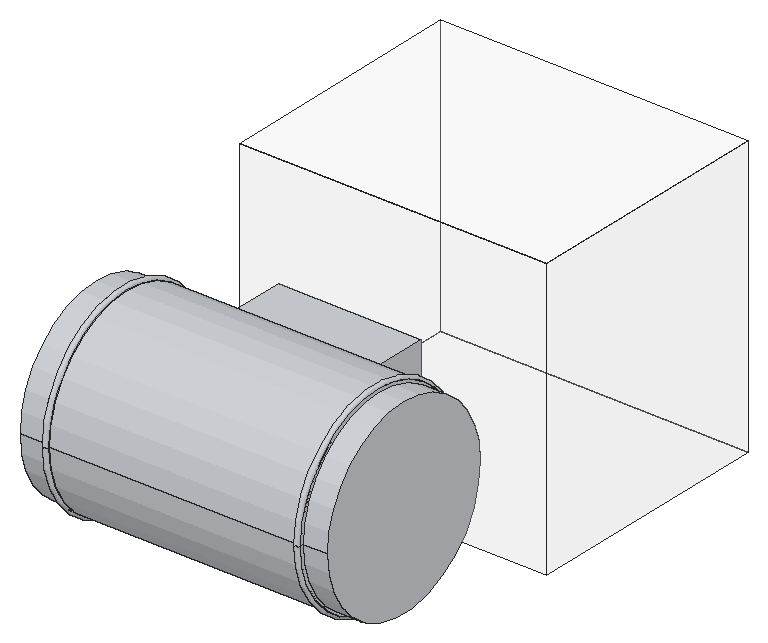
Revit family "SA_VAV", category ダクト付属品, Revit 2021
Family settings
  丸型コネクタ寸法 = 直径を使用
  パーツ タイプ = 割り込み
  OmniClass 番号 = 23.75.00.00
  OmniClass タイトル = Climate Control (HVAC)
  作業面ベース = いいえ
  常に垂直 = はい
  ロード時にボイドで切り取り = いいえ
  共有 = いいえ
Parameters (values of type "MW型")
  風量 [instance] = 0.0 L/s
  静圧 [instance] = 0.0 Pa
  Description = ""
  記号 [instance] = ""
  系統 = ""
  符号 = "可変風量ユニット"
  種別 = ""
  機器メーカー名 = "協立エアテック"
  既定の高さ = 0 mm
  接続部 [instance] = ダクト径 - 10 mm  # 340 mm
  形式 = "MW型"
  対象室 [instance] = ""
  呼称 = "VAV"
  メンテナンススペース [instance] = yes
  メンテ_W [instance] = ダクト径 * 2  # 700 mm
  メンテ_H [instance] = ダクト径  # 350 mm
  メンテ_D [instance] = ダクト径  # 350 mm
  ダクト径 [instance] = 350 mm
  VAV長さ [instance] = if(ダクト径 > 200 mm, 550 mm, 450 mm)  # 550 mm
  ダクト半径 [instance] = ダクト径 / 2  # 175 mm
  Type Comments = ""
  MIN風量 = 0.0 L/s
  MIN静圧 = 0.0 Pa
  MAX風量 = 0.0 L/s
  MAX静圧 = 0.0 Pa
  2D [instance] = yes
Reference planes
  plane 1 "中心(正面/背面)": y = 0
  plane 2: z = 0
  plane 3 "中心(左/右)": x = 0
  plane 4 "長_左": x = -275
  plane 5 "長-右": x = 275
  plane 6 "紐-右": x = 230
  plane 7: y = 175
  plane 8: y = 175
  plane 9: y = 175
  plane 10 "制御-あ": y = 175
  plane 11 "制御-い": y = 320
  plane 12 "制御-端": x = -205
  plane 13 "紐-左": x = -230
  plane 14: y = -106.315
Forms (mm)
  Revolve 1, solid
    sketch origin (0, 0, 0) x (1, 0, 0) y (0, 1, 0)
      loop
        line (-230, 175) -> (-230, 0) -> (230, 0) -> (230, 175) -> (-230, 175)
      axis (-230, 0) -> (230, 0)
    angle from 0 to 360
  Extrusion 2, solid
    sketch origin (-36.5, 45, 0) x (1, 0, 0) y (0, 1, 0)
      loop
        line (-168.5, 275) -> (-168.5, 130) -> (86.5, 130) -> (86.5, 275) -> (-168.5, 275)
    from -50 to 50
  Revolve 3, solid
    sketch origin (-340, 0, 0) x (1, 0, 0) y (0, 1, 0)
      loop
        arc (120, 175) -> (115, 180) -> (110, 175) r 5
        line (110, 175) -> (110, 0) -> (120, 0) -> (120, 175)
      axis (120, 0) -> (110, 0)
    angle from 0 to 360
  Revolve 4, solid
    sketch origin (-340, 0, 0) x (1, 0, 0) y (0, 1, 0)
      loop
        arc (570, 175) -> (565, 180) -> (560, 175) r 5
        line (560, 175) -> (560, 0) -> (570, 0) -> (570, 175)
      axis (570, 0) -> (560, 0)
    angle from 0 to 360
  Extrusion 5, solid
    sketch origin (0, 0, 0) x (0, 1, 0) y (0, 0, 1)
      loop
        circle (0, 0) r 170
    from 230 to 275
  Extrusion 6, solid
    sketch origin (0, 0, 0) x (0, 1, 0) y (0, 0, 1)
      loop
        circle (0, 0) r 170
    from -275 to -230
Lines and regions (mm)
  model lines, style "メンテナンススペース", visible <- "メンテナンススペース"
    curve 1: line (-275, 770, 0) -> (275, 320, 0)
    curve 2: line (275, 770, 0) -> (-275, 320, 0)
Dimensions and locks
  "ダクト半径": plane 1 "中心(正面/背面)" to plane 7
  "ダクト半径": plane 8 to plane 1 "中心(正面/背面)"
  "ダクト半径": plane 1 "中心(正面/背面)" to plane 9
  "ダクト半径": plane 1 "中心(正面/背面)" to plane 10 "制御-あ"
  locked: plane 11 "制御-い" to plane 10 "制御-あ" at 145
  locked: Extrusion 2 to Extrusion 2 at 255
  locked: Revolve 4 sketch curve to Revolve 4 sketch curve at 10
  locked: plane 6 "紐-右" to plane 5 "長-右" at 45
  locked: Revolve 3 sketch curve to Revolve 3 sketch curve at 10
  locked: plane 4 "長_左" to plane 12 "制御-端" at 70
  locked: plane 4 "長_左" to plane 13 "紐-左" at 45
  "ダクト径": plane 10 "制御-あ" to nested 2
  equal spacing: plane 10 "制御-あ", plane 1 "中心(正面/背面)", nested 2
  equal spacing: plane 13 "紐-左", plane 3 "中心(左/右)", plane 6 "紐-右"
  "VAV長さ": plane 4 "長_左" to plane 5 "長-右"
  "接続部": diameter of Extrusion 5 sketch curve
  "接続部": diameter of Extrusion 6 sketch curve
  aligned and locked: level to plane 2
  aligned and locked: Revolve 1 sketch curve to plane 7
  aligned and locked: Extrusion 2 to plane 10 "制御-あ"
  aligned and locked: plane 11 "制御-い" to Extrusion 2
  aligned and locked: Extrusion 2 to plane 12 "制御-端"
  aligned and locked: plane 6 "紐-右" to Revolve 4 sketch curve
  aligned and locked: plane 3 "中心(左/右)" to nested 1
  aligned and locked: nested 1 to plane 11 "制御-い"
  aligned and locked: nested 1 to curve 2
  aligned and locked: curve 2 to nested 1
  aligned and locked: nested 1 to curve 1  (x2)
  aligned and locked: plane 13 "紐-左" to Revolve 3 sketch curve
  aligned and locked: nested 2 to plane 13 "紐-左"
  aligned and locked: plane 6 "紐-右" to nested 2
  aligned and locked: nested 2 to plane 10 "制御-あ"
  aligned and locked: Revolve 1 to plane 6 "紐-右"
  aligned and locked: Extrusion 5 to plane 5 "長-右"
  aligned and locked: Extrusion 5 to plane 6 "紐-右"
  aligned and locked: plane 4 "長_左" to Extrusion 6
  aligned and locked: Extrusion 6 to plane 13 "紐-左"
Automatic sketch dimensions
  Extrusion 2 sketch curve to plane 3 "中心(左/右)" = 205 mm
  plane 3 "中心(左/右)" to Extrusion 2 sketch curve = 50 mm
  plane 10 "制御-あ" to Extrusion 2 sketch curve = 145 mm
  curve 1 to plane 5 "長-右" = 0 mm
  curve 2 to plane 11 "制御-い" = 0 mm
  plane 11 "制御-い" to curve 2 = 450 mm
  curve 1 to curve 2 = 0 mm
  Extrusion 2 sketch curve to plane 10 "制御-あ" = 0 mm
  Extrusion 5 sketch curve to level = 0 mm
  Extrusion 5 sketch curve to plane 1 "中心(正面/背面)" = 0 mm
  Revolve 1 sketch curve to plane 13 "紐-左" = 0 mm
  plane 1 "中心(正面/背面)" to Revolve 1 sketch curve = 0 mm  (x2)
  Revolve 1 sketch curve to plane 6 "紐-右" = 0 mm
  Revolve 1 sketch curve to plane 5 "長-右" = 0 mm
  Revolve 1 sketch curve to plane 3 "中心(左/右)" = 50 mm
  plane 1 "中心(正面/背面)" to Revolve 3 sketch curve = 0 mm  (x2)
  Revolve 3 sketch curve to plane 9 = 0 mm
  Revolve 3 sketch curve to Revolve 3 sketch curve = 1.321 mm
  plane 3 "中心(左/右)" to Revolve 3 sketch curve = 33.679 mm
  plane 1 "中心(正面/背面)" to Revolve 4 sketch curve = 0 mm  (x2)
  Revolve 4 sketch curve to plane 8 = 0 mm
  Revolve 4 sketch curve to plane 3 "中心(左/右)" = 26.321 mm
  Revolve 4 sketch curve to Revolve 4 sketch curve = 3.679 mm
  Extrusion 6 sketch curve to level = 0 mm
  Extrusion 6 sketch curve to plane 1 "中心(正面/背面)" = 0 mm
Nested families
  nested 1: "メンテナンススペース" at (0, 545, 0), visible <- "メンテナンススペース", type "サービススペース"
    with Width 550 mm, Depth 450 mm
  nested 2: "塗り潰し" at (0, 0, 0), type "塗り潰し"
    with W 460 mm, D 350 mm
  nested 3: "文字ファミリ_一般注釈" at (543.431, 313.007, 0), visible <- "2D", type "文字ファミリ_一般注釈"
Connectors
  hvac at (230, 0, 0), driven by "ダクト径", driven by "風量"
    settings: index 1, duct flow 0.0 L/s, flow factor 0, pres drop 0.0 Pa, loss coef 0, conn angle 0.00°, conn width 304.8 mm, conn height 304.8 mm, conn diameter 350 mm, duct sys type 29, conn prof type 0, flow config 0, flow direction 1, loss method 0, conn ref index 2, conn util no, is conn primary yes, conn desc ""
  hvac at (-230, 0, 0), driven by "ダクト径", driven by "風量"
    settings: index 2, duct flow 0.0 L/s, flow factor 0, pres drop 0.0 Pa, loss coef 0, conn angle 0.00°, conn width 304.8 mm, conn height 304.8 mm, conn diameter 350 mm, duct sys type 29, conn prof type 0, flow config 0, flow direction 2, loss method 0, conn ref index 1, conn util no, is conn primary no, conn desc ""
Definition of nested family "メンテナンススペース"
  Parameters (values of type "サービススペース")
    Default Elevation = 0 mm
    Width = 500 mm
    Height = 500 mm
    Depth = 500 mm
  Reference planes
    plane 1 "中心(正面/背面)": y = 0
    plane 2: z = 0
    plane 3 "中心(左/右)": x = 0
    plane 4: y = -250
    plane 5: x = 250
    plane 6: y = 250
    plane 7: x = -250
    plane 8: z = 250
    plane 9: z = -250
  Forms (mm)
    Extrusion 1, solid
      sketch origin (-638.939, 0, 72.39) x (1, 0, 0) y (0, 1, 0)
        loop
          line (388.939, 250) -> (388.939, -250) -> (888.939, -250) -> (888.939, 250) -> (388.939, 250)
      from -322.39 to 177.61
  Lines and regions (mm)
    symbolic lines
      curve 1: line (-250, 0, 250) -> (250, 0, 250)
      curve 2: line (-250, 0, -250) -> (-250, 0, 250)
      curve 3: line (250, 0, -250) -> (-250, 0, -250)
      curve 4: line (250, 0, 250) -> (250, 0, -250)
      curve 5: line (0, -250, 250) -> (0, 250, 250)
      curve 6: line (0, -250, -250) -> (0, -250, 250)
      curve 7: line (0, 250, -250) -> (0, -250, -250)
      curve 8: line (0, 250, 250) -> (0, 250, -250)
      curve 9: line (-250, 250, 0) -> (250, 250, 0)
      curve 10: line (-250, -250, 0) -> (-250, 250, 0)
      curve 11: line (250, -250, 0) -> (-250, -250, 0)
      curve 12: line (250, 250, 0) -> (250, -250, 0)
  Dimensions and locks
    equal spacing: plane 7, plane 3 "中心(左/右)", plane 5
    equal spacing: plane 4, plane 1 "中心(正面/背面)", plane 6
    "Depth": plane 4 to plane 6
    "Width": plane 7 to plane 5
    equal spacing: plane 8, plane 2, plane 9
    "Height": plane 8 to plane 9
    aligned and locked: plane 9 to curve 3
    aligned and locked: plane 7 to curve 2
    aligned and locked: curve 4 to plane 5
    aligned and locked: plane 5 to Extrusion 1
    aligned and locked: Extrusion 1 to plane 7
    aligned and locked: Extrusion 1 to plane 9
    aligned and locked: plane 8 to Extrusion 1
    aligned and locked: plane 9 to curve 7
  Automatic sketch dimensions
    plane 4 to Extrusion 1 sketch curve = 0 mm
    Extrusion 1 sketch curve to plane 7 = 0 mm
    Extrusion 1 sketch curve to plane 5 = 0 mm
    plane 6 to Extrusion 1 sketch curve = 0 mm
    curve 2 to plane 8 = 0 mm
    plane 4 to curve 11 = 0 mm
    curve 11 to plane 7 = 0 mm
    curve 11 to plane 5 = 0 mm
    plane 6 to curve 10 = 0 mm
    curve 7 to plane 4 = 0 mm
    curve 7 to plane 6 = 0 mm
    curve 6 to plane 8 = 0 mm
Definition of nested family "塗り潰し"
  Parameters (values of type "塗り潰し")
    W [instance] = 200 mm
    D [instance] = 200 mm
  Reference planes
    plane 1 "中心(正面/背面)": y = 0
    plane 2: z = 0
    plane 3 "中心(左/右)": x = 0
    plane 4: x = -100
    plane 5: x = 100
    plane 6: y = 100
    plane 7: y = -100
  Lines and regions (mm)
    Filled region 1, type "塗り潰し", in view "参照レベル"
      outline origin (0, 0, 0) x (1, 0, 0) y (0, 1, 0)
        loop
          line (100, -100) -> (100, 100) -> (-100, 0) -> (100, -100)
  Dimensions and locks
    equal spacing: plane 7, plane 1 "中心(正面/背面)", plane 6
    "D": plane 7 to plane 6
    equal spacing: plane 4, plane 3 "中心(左/右)", plane 5
    "W": plane 4 to plane 5
  Automatic sketch dimensions
    Filled region 1 sketch curve to plane 5 = 0 mm
    plane 7 to Filled region 1 sketch curve = 0 mm
    plane 1 "中心(正面/背面)" to Filled region 1 sketch curve = 0 mm
    plane 6 to Filled region 1 sketch curve = 0 mm
    Filled region 1 sketch curve to plane 4 = 0 mm
Definition of nested family "文字ファミリ_一般注釈"
  Parameters (values of type "文字ファミリ_一般注釈")
    文字 = ""
  Reference planes
    plane 1: y = 0
    plane 2: x = 0
  Text (mm)
    label "文字" at (-2.342, -0.04, 0), shows "文字"
